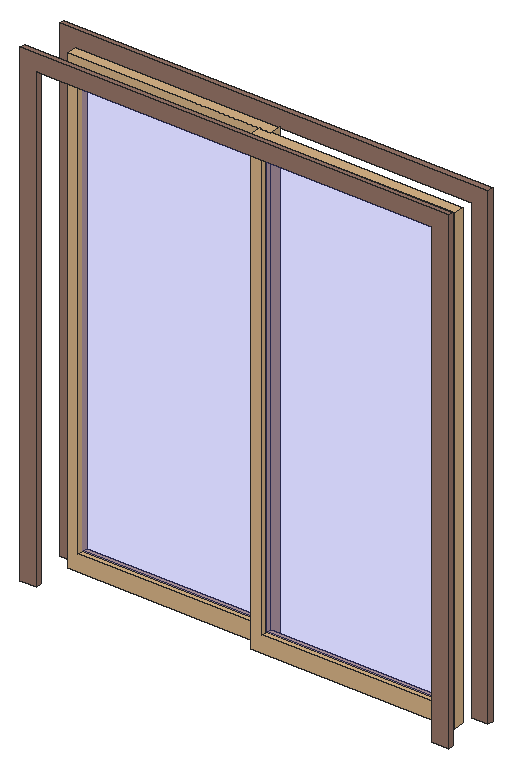
Revit family
Parameters (values of type "1830 x 2134mm")
  Thickness = 50 mm
  Assembly Code = ""
  Door Material = Door - Panel
  Frame Material = Door - Frame
  Height = 2134 mm
  Rail Width = 75 mm
  Stile Width = 50 mm
  Trim Projection Ext = 25 mm
  Trim Projection Int = 25 mm
  Trim Width = 75 mm
  Wall Closure = (empty or 0)
  Width = 1830 mm
Types (5, lengths in mm): name | Height | Width
  1830 x 2134mm | 2134 | 1830
  1830 x 2032mm | 2032 | 1830
  1830 x 1981mm | 1981 | 1830
  1730 x 2032mm | 2032 | 1730
  1730 x 2134mm | 2134 | 1730
Reference planes
  plane 1: z = 0
  plane 2: x = 0
  plane 3: x = -915
  plane 4: x = 915
  plane 5: z = 2134
  plane 6: y = 228.6
  plane 7: y = 25.4
  plane 8: y = 178.6
  plane 9: y = 128.6
  plane 10: y = 203.6
  plane 11: y = 153.6
  plane 12: y = 156.775
  plane 13: y = 150.425
  plane 14: y = 206.775
  plane 15: y = 200.425
Forms (mm)
  Extrusion 1, solid, material "Door - Frame" <- "Frame Material"
    sketch origin (-1524, 228.6, 0) x (-1, 0, 0) y (0, 0, 1)
      loop
        line (-2439, 0) -> (-2439, 2134) -> (-609, 2134) -> (-609, 0) -> (-534, 0) -> (-534, 2209) -> (-2514, 2209) -> (-2514, 0) -> (-2439, 0)
    from 0 to 25
  Extrusion 2, solid, material "Door - Frame" <- "Frame Material"
    sketch origin (0, 25.4, 0) x (0, 0, -1) y (-1, 0, 0)
      loop
        line (0, 915) -> (0, 990) -> (-2209, 990) -> (-2209, -990) -> (0, -990) -> (0, -915) -> (-2134, -915) -> (-2134, 915) -> (0, 915)
    from 0 to -25
  Extrusion 3, solid, material "Door - Panel" <- "Door Material"
    sketch origin (-1524, 228.6, 0) x (-1, 0, 0) y (0, 0, 1)
      loop
        line (-609, 2134) -> (-1549.4, 2134) -> (-1549.4, 0) -> (-609, 0) -> (-609, 2134)
      loop
        line (-659, 2059) -> (-1499.4, 2059) -> (-1499.4, 75) -> (-659, 75) -> (-659, 2059)
    from -50 to 0
  Extrusion 4, solid, material "Glass"
    sketch origin (-1524, 228.6, 0) x (-1, 0, 0) y (0, 0, 1)
      loop
        line (-1499.4, 2059) -> (-1499.4, 75) -> (-659, 75) -> (-659, 2059) -> (-1499.4, 2059)
    from -28.175 to -21.825
  Extrusion 5, solid, material "Door - Panel" <- "Door Material"
    sketch origin (-1524, 228.6, 0) x (-1, 0, 0) y (0, 0, 1)
      loop
        line (-2439, 2134) -> (-2439, 0) -> (-1498.6, 0) -> (-1498.6, 2134) -> (-2439, 2134)
      loop
        line (-2389, 2059) -> (-2389, 75) -> (-1548.6, 75) -> (-1548.6, 2059) -> (-2389, 2059)
    from -100 to -50
  Extrusion 6, solid, material "Glass"
    sketch origin (-1524, 228.6, 0) x (-1, 0, 0) y (0, 0, 1)
      loop
        line (-2389, 2059) -> (-2389, 75) -> (-1549.4, 75) -> (-1549.4, 2059) -> (-2389, 2059)
    from -78.175 to -71.825
Lines and regions (mm)
  Opening 1
    outline origin (-1524, 25.4, 3657.6) x (0, 0, -1) y (1, 0, 0)
      loop
        line (1523.6, 2439) -> (1523.6, 609) -> (3657.6, 609) -> (3657.6, 2439) -> (1523.6, 2439)
  symbolic lines, style "DoorsGlassProjection"
    curve 1: line (-865, 203.6, 0) -> (-25.4, 203.6, 0)
    curve 18: line (25.4, 153.6, 0) -> (864.2, 153.6, 0)
  symbolic lines, style "DoorsFrameMullionProjection"
    curve 2: line (864.2, 178.6, 0) -> (915, 178.6, 0)
    curve 3: line (864.2, 178.6, 0) -> (864.2, 128.6, 0)
    curve 4: line (864.2, 128.6, 0) -> (915, 128.6, 0)
    curve 5: line (915, 178.6, 0) -> (915, 128.6, 0)
    curve 6: line (-25.4, 228.6, 0) -> (25.4, 228.6, 0)
    curve 7: line (-25.4, 228.6, 0) -> (-25.4, 178.6, 0)
    curve 8: line (-25.4, 178.6, 0) -> (25.4, 178.6, 0)
    curve 9: line (25.4, 228.6, 0) -> (25.4, 178.6, 0)
    curve 10: line (-25.4, 178.6, 0) -> (25.4, 178.6, 0)
    curve 11: line (-25.4, 178.6, 0) -> (-25.4, 128.6, 0)
    curve 12: line (-25.4, 128.6, 0) -> (25.4, 128.6, 0)
    curve 13: line (25.4, 178.6, 0) -> (25.4, 128.6, 0)
    curve 14: line (-915, 228.6, 0) -> (-865, 228.6, 0)
    curve 15: line (-915, 228.6, 0) -> (-915, 178.6, 0)
    curve 16: line (-915, 178.6, 0) -> (-865, 178.6, 0)
    curve 17: line (-865, 228.6, 0) -> (-865, 178.6, 0)
Text (mm)
  text "Exterior" at (-1735.71, 556.18, 0), in view "Ground floor"
  text "Exterior" at (0, 901.414, 2970.265), in view "Left"
Dimensions and locks
  equal spacing: plane 3, plane 2, plane 4
  "Width": plane 3 to plane 4
  "Height": plane 1 to plane 5
  "Trim Width": plane 5 to Extrusion 1 sketch curve
  "Trim Width": plane 3 to Extrusion 1 sketch curve
  "Trim Width": plane 4 to Extrusion 1 sketch curve
  "Trim Projection Int": plane 7 to Extrusion 2
  "Trim Projection Ext": Extrusion 1 to Extrusion 1
  "Trim Width": Extrusion 2 sketch curve to plane 3
  "Trim Width": plane 4 to Extrusion 2 sketch curve
  "Trim Width": Extrusion 2 sketch curve to plane 5
  "Rail Width": Extrusion 3 sketch curve to plane 5
  "Rail Width": plane 1 to Extrusion 3 sketch curve
  "Stile Width": Extrusion 3 sketch curve to Extrusion 3 sketch curve  (x2)
  Extrusion 3 sketch curve to plane 2 = 25.4 mm
  "Thickness": plane 8 to plane 6
  "Thickness": plane 9 to plane 8
  equal spacing: plane 8, plane 10, plane 6
  equal spacing: plane 9, plane 11, plane 8
  plane 12 to plane 11 to plane 13 = 3.175 mm locked, 3.175 mm locked
  plane 14 to plane 10 to plane 15 = 3.175 mm locked, 3.175 mm locked
  locked: plane 2 to Extrusion 5 sketch curve at 25.4
  "Stile Width": Extrusion 5 sketch curve to Extrusion 5 sketch curve
  "Rail Width": plane 1 to Extrusion 5 sketch curve
  "Rail Width": Extrusion 5 sketch curve to plane 5
  "Stile Width": Extrusion 5 sketch curve to plane 4
  aligned and locked: Opening 1 sketch curve to plane 5
  aligned and locked: Opening 1 sketch curve to plane 3
  aligned and locked: plane 4 to Opening 1 sketch curve
  aligned and locked: host wall to plane 6
  aligned and locked: plane 7 to host wall
  aligned and locked: host wall to Extrusion 3
  aligned and locked: curve 16 to Extrusion 3
  aligned and locked: plane 8 to Extrusion 3
  aligned and locked: plane 8 to curve 2
  aligned and locked: plane 9 to curve 4
  aligned and locked: curve 14 to host wall
  aligned and locked: curve 17 to Extrusion 3
  aligned and locked: plane 9 to curve 12
  aligned and locked: curve 9 to Extrusion 3
  aligned and locked: plane 6 to curve 6
  aligned and locked: curve 1 to plane 10
  aligned and locked: Extrusion 3 to Extrusion 4 sketch curve  (x2)
  aligned and locked: Extrusion 4 sketch curve to Extrusion 3  (x2)
  aligned and locked: Extrusion 4 to plane 15
  aligned and locked: Extrusion 4 to plane 14
  aligned and locked: plane 5 to Extrusion 5 sketch curve
  aligned and locked: plane 4 to Extrusion 5 sketch curve
  aligned and locked: plane 1 to Extrusion 5 sketch curve
  aligned and locked: plane 9 to Extrusion 5
  aligned and locked: Extrusion 5 to plane 8
  aligned and locked: Extrusion 5 to Extrusion 6 sketch curve  (x2)
  aligned and locked: Extrusion 6 sketch curve to Extrusion 5
  aligned and locked: Extrusion 3 to Extrusion 6 sketch curve
  aligned and locked: Extrusion 6 to plane 13
  aligned and locked: plane 12 to Extrusion 6
Automatic sketch dimensions
  Opening 1 sketch curve to level = 0 mm
  Extrusion 1 sketch curve to level = 0 mm  (x2)
  Extrusion 1 sketch curve to plane 4 = 0 mm
  Extrusion 1 sketch curve to plane 3 = 0 mm
  Extrusion 1 sketch curve to plane 5 = 0 mm
  Extrusion 2 sketch curve to plane 3 = 0 mm
  Extrusion 2 sketch curve to plane 5 = 0 mm
  Extrusion 2 sketch curve to level = 0 mm  (x2)
  Extrusion 2 sketch curve to plane 4 = 0 mm
  Extrusion 3 sketch curve to plane 3 = 0 mm
  curve 16 to plane 3 = 0 mm
  curve 7 to plane 8 = 0 mm
  curve 18 to plane 11 = 0 mm
  curve 4 to plane 4 = 0 mm
  curve 1 to plane 2 = 25.4 mm
  curve 18 to curve 8 = 0 mm
  plane 4 to curve 18 = 50.8 mm
  curve 2 to curve 18 = 0 mm
